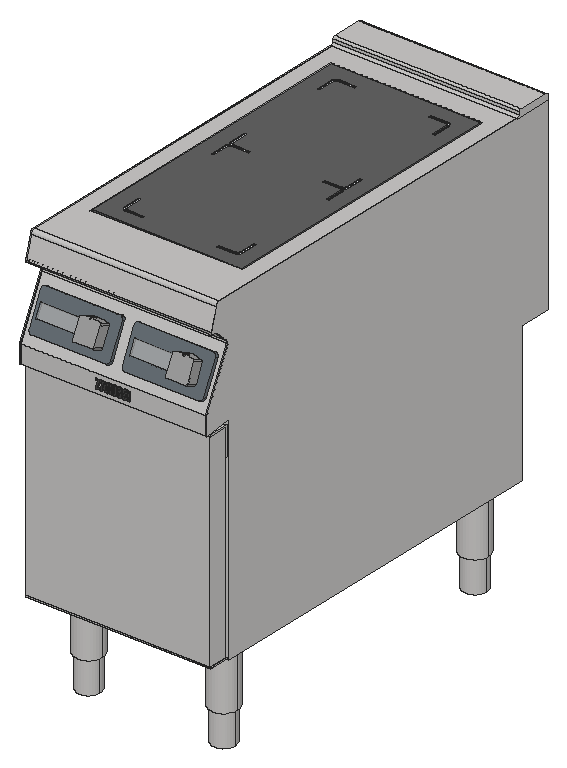
Revit family "QF_ZANUSSI_392666_Z9HHEDBAMCA", category Specialty Equipment, Revit 2023
Family settings
  Round Connector Dimension = Use Diameter
  Part Type = Normal
  Work Plane-Based = No
  Enable Cutting in Views = No
  Always vertical = Yes
  Cut with Voids When Loaded = No
  Maintain Annotation Orientation = No
  Shared = Yes
  Room Calculation Point = No
Parameters (values of type "Standard")
  Weight = 71.50 lbm
  Watts = 0 W
  Volts = 380 V
  URL Manufacturer = "http://www.zanussiprofessional.com"
  URL = "http://www.zanussiprofessional.com"
  Steam Supply Size = 0"
  Steam Supply Minimum Pressure = 0.00 psi
  Steam Supply Maximum Pressure = 0.00 psi
  Steam Consumption per Hour = 0
  Show Logo [instance] = yes
  Show Clearance [instance] = yes
  Refrigeration Suction Line Size = 0 mm
  Refrigeration Liquid Line Size = 0 mm
  Refrigerant Compressor Remote = yes
  Default Elevation = 0 mm
  Manufacturer = "Zanussi"
  Phase = 3
  Model = "Z9HHEDBAMCA"
  Length Actual = 400 mm
  Item Number = "392666"
  Hot Water Size = 0"
  Height Actual = 850 mm
  HP = "21.5 HP"
  Gas Size = 0"
  Gas KW = 0
  Gas Input Pressure = 0.0 Btu/h
  Direct Waste Size = 0"
  Description = "EVOPRO FREE-ZONE INDUCTION COOK TOP, 400 MM"
  Depth Actual = 900 mm
  Cycle = 50 Hz
  Condensate Return Size = 0"
  Compressed Air Volume = 0 GPM
  Compressed Air Size = 0"
  Compressed Air Pressure = 0.00 psi
  Cold Water Size = 0"
  Accessory = no
Reference planes
  plane 1: z = 0
  plane 2 "LEFT": x = 0
  plane 3 "RIGHT": x = 400
  plane 4 "FRONT": y = -921
  plane 5 "TOP": z = 900
  plane 6 "BASE": z = 200
  plane 7: y = -126
  plane 8: y = -774
  plane 9 "Center (Left/Right)": x = 200
  plane 10 "Center (Front/Back)": y = -450
  plane 11 "BASE_TOP": z = 650
  plane 12 "BACK": y = 0
  plane 13: y = -900
  plane 14: y = -1273
  plane 15: y = -855
  plane 16: z = 810.742
  plane 17: z = 695.808
  plane 18 "AxeZ_Buttons": z = 753.275
  plane 19 "PANEL": through (-6096, -914.266, 695.808) normal (0, 0.8988, -0.4384)
  plane 20 "BUTTON1": x = 145
  plane 21: x = 345
  plane 22: y = -720
  plane 23 "FeetBack": y = -126
  plane 24 "FeetFront": y = -800
  plane 25 "FeetX": x = 345
  plane 26 "WI2_x": x = 358
  plane 27: x = 287
  plane 28: y = -574
  plane 29: x = -150
  plane 30: x = 550
  plane 31: y = 150
Forms (mm)
  Extrusion 1, solid, material "QF_Finishes_Stainless Steel"
    sketch origin (0, 0, 50) x (0, 1, 0) y (0, 0, 1)
      loop
        line (0, 850) -> (-879.358, 850)
        arc (-879.358, 850) -> (-884.643, 847.811) -> (-886.833, 842.526) r 7.474
        line (-886.833, 842.526) -> (-899.884, 797.011)
        arc (-899.884, 797.011) -> (-899.396, 794.379) -> (-897, 793.184) r 3
        line (-897, 793.184) -> (-890.531, 793.184) -> (-859.859, 765.634)
        arc (-859.859, 765.634) -> (-858.292, 762.871) -> (-858.706, 759.723) r 5
        line (-858.706, 759.723) -> (-915, 644.303) -> (-915, 605.508) -> (-858.645, 613.428)
        arc (-858.645, 613.428) -> (-856.101, 612.674) -> (-855, 610.259) r 3.2
        line (-855, 610.259) -> (-855, 150) -> (-70, 150) -> (-70, 448) -> (0, 448) -> (0, 850)
    from 0 to 1
  Extrusion 2, solid, material "QF_Finishes_Stainless Steel"
    sketch origin (400, 0, 50) x (0, 1, 0) y (0, 0, 1)
      loop
        line (0, 850) -> (-879.358, 850)
        arc (-879.358, 850) -> (-884.643, 847.811) -> (-886.833, 842.526) r 7.474
        line (-886.833, 842.526) -> (-899.884, 797.011)
        arc (-899.884, 797.011) -> (-899.396, 794.379) -> (-897, 793.184) r 3
        line (-897, 793.184) -> (-890.531, 793.184) -> (-859.859, 765.634)
        arc (-859.859, 765.634) -> (-858.292, 762.871) -> (-858.706, 759.723) r 5
        line (-858.706, 759.723) -> (-915, 644.303) -> (-915, 605.508) -> (-858.645, 613.428)
        arc (-858.645, 613.428) -> (-856.101, 612.674) -> (-855, 610.259) r 3.2
        line (-855, 610.259) -> (-855, 150) -> (-70, 150) -> (-70, 448) -> (0, 448) -> (0, 850)
    from 0 to -1
  Extrusion 3, solid, material "QF_Finishes_Stainless Steel"
    sketch origin (200, 0, 50) x (0, 1, 0) y (0, 0, 1)
      loop
        line (0, 850) -> (-912.738, 850)
        arc (-912.738, 850) -> (-920.449, 844.13) -> (-918.364, 834.666) r 9
        line (-918.364, 834.666) -> (-859.167, 766.469)
        arc (-859.167, 766.469) -> (-857.771, 763.759) -> (-858.209, 760.742) r 5
        line (-858.209, 760.742) -> (-914.266, 645.808)
        arc (-914.266, 645.808) -> (-911.433, 639.23) -> (-905.772, 643.616) r 4.53
        line (-905.772, 643.616) -> (-905.772, 610.227)
        arc (-905.772, 610.227) -> (-904.15, 606.541) -> (-900.336, 605.246) r 5
        line (-900.336, 605.246) -> (-860.436, 609.524)
        arc (-860.436, 609.524) -> (-856.622, 608.23) -> (-855, 604.543) r 5
        line (-855, 604.543) -> (-855, 600) -> (0, 600) -> (0, 850)
    from -199 to 199
  Extrusion 4, void
    sketch origin (200, 0, 50) x (0, 1, 0) y (0, 0, 1)
      loop
        line (-855, 600) -> (-855, 152) -> (-72, 152) -> (-72, 600) -> (-855, 600)
    from -110 to 110
  Extrusion 5, solid, material "QF_Finishes_Stainless Steel"
    sketch origin (200, 0, 50) x (0, 1, 0) y (0, 0, 1)
      loop
        line (0, 850) -> (-879.358, 850)
        arc (-879.358, 850) -> (-884.643, 847.811) -> (-886.833, 842.526) r 7.474
        line (-886.833, 842.526) -> (-899.884, 797.011)
        arc (-899.884, 797.011) -> (-899.396, 794.379) -> (-897, 793.184) r 3
        line (-897, 793.184) -> (-890.531, 793.184) -> (-859.859, 765.634)
        arc (-859.859, 765.634) -> (-858.292, 762.871) -> (-858.706, 759.723) r 5
        line (-858.706, 759.723) -> (-915, 644.303) -> (-915, 605.508) -> (-858.645, 613.428)
        arc (-858.645, 613.428) -> (-856.101, 612.674) -> (-855, 610.259) r 3.2
        line (-855, 610.259) -> (-855, 150) -> (-70, 150) -> (-70, 448) -> (0, 448) -> (0, 850)
    from 199 to -199
  Extrusion 6, solid, material "QF_Finishes_Stainless Steel"
    sketch origin (0, 0, 200) x (0, 1, 0) y (-1, 0, 0)
      loop
        circle (-574, -287) r 10
    from 0 to -10
  Extrusion 7, solid, material "QF_Finishes_Clearance", visible <- "Show Clearance", detail levels coarse
    sketch origin (0, 0, 0) x (1, 0, 0) y (0, 1, 0)
      loop
        line (-150, -921) -> (0, -921) -> (0, 0) -> (400, 0) -> (400, -921) -> (550, -921) -> (550, 150) -> (-150, 150) -> (-150, -921)
    from 0 to 900
  Extrusion 8, solid, material "QF_Finishes_Stainless Steel"
    sketch origin (200, 0, 50) x (0, 1, 0) y (0, 0, 1)
      loop
        line (-80, 850) -> (0, 850) -> (0, 860)
        arc (0, 860) -> (-1.464, 863.536) -> (-5, 865) r 5
        line (-5, 865) -> (-70, 865)
        arc (-70, 865) -> (-73.536, 863.536) -> (-75, 860) r 5
        line (-75, 860) -> (-75, 855)
        arc (-75, 855) -> (-76.464, 851.464) -> (-80, 850) r 5
    from 200 to -200
  Extrusion 9, void
    sketch origin (0, 0, 900) x (-1, 0, 0) y (0, -1, 0)
      loop
        line (-36.5, 126) -> (-36.5, 773) -> (-363.5, 773) -> (-363.5, 126) -> (-36.5, 126)
    from 0 to -6
  Extrusion 10, solid, material "QF_Glass Ceramic"
    sketch origin (0, 0, 900) x (-1, 0, 0) y (0, -1, 0)
      loop
        line (-40, 769.5) -> (-360, 769.5) -> (-360, 129.5) -> (-40, 129.5) -> (-40, 769.5)
      loop
        line (-74, 209.5) -> (-78, 209.5) -> (-78, 174.5)
        arc (-78, 174.5) -> (-80.05, 169.55) -> (-85, 167.5) r 7
        line (-85, 167.5) -> (-120, 167.5) -> (-120, 163.5) -> (-85, 163.5)
        arc (-85, 163.5) -> (-77.222, 166.722) -> (-74, 174.5) r 11
        line (-74, 174.5) -> (-74, 209.5)
      loop
        line (-326, 209.5) -> (-326, 174.5)
        arc (-326, 174.5) -> (-322.778, 166.722) -> (-315, 163.5) r 11
        line (-315, 163.5) -> (-280, 163.5) -> (-280, 167.5) -> (-315, 167.5)
        arc (-315, 167.5) -> (-319.95, 169.55) -> (-322, 174.5) r 7
        line (-322, 174.5) -> (-322, 209.5) -> (-326, 209.5)
      loop
        line (-74, 406) -> (-74, 441)
        arc (-74, 441) -> (-75.239, 446.071) -> (-78.675, 450) r 11
        arc (-78.675, 450) -> (-75.239, 453.929) -> (-74, 459) r 11
        line (-74, 459) -> (-74, 494) -> (-78, 494) -> (-78, 459)
        arc (-78, 459) -> (-80.05, 454.05) -> (-85, 452) r 7
        line (-85, 452) -> (-120, 452) -> (-120, 448) -> (-85, 448)
        arc (-85, 448) -> (-80.05, 445.95) -> (-78, 441) r 7
        line (-78, 441) -> (-78, 406) -> (-74, 406)
      loop
        line (-326, 406) -> (-322, 406) -> (-322, 441)
        arc (-322, 441) -> (-319.95, 445.95) -> (-315, 448) r 7
        line (-315, 448) -> (-280, 448) -> (-280, 452) -> (-315, 452)
        arc (-315, 452) -> (-319.95, 454.05) -> (-322, 459) r 7
        line (-322, 459) -> (-322, 494) -> (-326, 494) -> (-326, 459)
        arc (-326, 459) -> (-324.761, 453.929) -> (-321.325, 450) r 11
        arc (-321.325, 450) -> (-324.761, 446.071) -> (-326, 441) r 11
        line (-326, 441) -> (-326, 406)
      loop
        line (-74, 690.5) -> (-74, 725.5)
        arc (-74, 725.5) -> (-77.222, 733.278) -> (-85, 736.5) r 11
        line (-85, 736.5) -> (-120, 736.5) -> (-120, 732.5) -> (-85, 732.5)
        arc (-85, 732.5) -> (-80.05, 730.45) -> (-78, 725.5) r 7
        line (-78, 725.5) -> (-78, 690.5) -> (-74, 690.5)
      loop
        line (-326, 690.5) -> (-322, 690.5) -> (-322, 725.5)
        arc (-322, 725.5) -> (-319.95, 730.45) -> (-315, 732.5) r 7
        line (-315, 732.5) -> (-280, 732.5) -> (-280, 736.5) -> (-315, 736.5)
        arc (-315, 736.5) -> (-322.778, 733.278) -> (-326, 725.5) r 11
        line (-326, 725.5) -> (-326, 690.5)
    from 0 to -6
  Extrusion 11, solid, material "QF_Finishes_White"
    sketch origin (0, 0, 900) x (-1, 0, 0) y (0, -1, 0)
      loop
        line (-74, 209.5) -> (-78, 209.5) -> (-78, 174.5)
        arc (-78, 174.5) -> (-80.05, 169.55) -> (-85, 167.5) r 7
        line (-85, 167.5) -> (-120, 167.5) -> (-120, 163.5) -> (-85, 163.5)
        arc (-85, 163.5) -> (-77.222, 166.722) -> (-74, 174.5) r 11
        line (-74, 174.5) -> (-74, 209.5)
      loop
        line (-74, 406) -> (-74, 441)
        arc (-74, 441) -> (-75.239, 446.071) -> (-78.675, 450) r 11
        arc (-78.675, 450) -> (-75.239, 453.929) -> (-74, 459) r 11
        line (-74, 459) -> (-74, 494) -> (-78, 494) -> (-78, 459)
        arc (-78, 459) -> (-80.05, 454.05) -> (-85, 452) r 7
        line (-85, 452) -> (-120, 452) -> (-120, 448) -> (-85, 448)
        arc (-85, 448) -> (-80.05, 445.95) -> (-78, 441) r 7
        line (-78, 441) -> (-78, 406) -> (-74, 406)
      loop
        line (-74, 690.5) -> (-74, 725.5)
        arc (-74, 725.5) -> (-77.222, 733.278) -> (-85, 736.5) r 11
        line (-85, 736.5) -> (-120, 736.5) -> (-120, 732.5) -> (-85, 732.5)
        arc (-85, 732.5) -> (-80.05, 730.45) -> (-78, 725.5) r 7
        line (-78, 725.5) -> (-78, 690.5) -> (-74, 690.5)
      loop
        line (-326, 209.5) -> (-326, 174.5)
        arc (-326, 174.5) -> (-322.778, 166.722) -> (-315, 163.5) r 11
        line (-315, 163.5) -> (-280, 163.5) -> (-280, 167.5) -> (-315, 167.5)
        arc (-315, 167.5) -> (-319.95, 169.55) -> (-322, 174.5) r 7
        line (-322, 174.5) -> (-322, 209.5) -> (-326, 209.5)
      loop
        line (-326, 406) -> (-322, 406) -> (-322, 441)
        arc (-322, 441) -> (-319.95, 445.95) -> (-315, 448) r 7
        line (-315, 448) -> (-280, 448) -> (-280, 452) -> (-315, 452)
        arc (-315, 452) -> (-319.95, 454.05) -> (-322, 459) r 7
        line (-322, 459) -> (-322, 494) -> (-326, 494) -> (-326, 459)
        arc (-326, 459) -> (-324.761, 453.929) -> (-321.325, 450) r 11
        arc (-321.325, 450) -> (-324.761, 446.071) -> (-326, 441) r 11
        line (-326, 441) -> (-326, 406)
      loop
        line (-326, 690.5) -> (-322, 690.5) -> (-322, 725.5)
        arc (-322, 725.5) -> (-319.95, 730.45) -> (-315, 732.5) r 7
        line (-315, 732.5) -> (-280, 732.5) -> (-280, 736.5) -> (-315, 736.5)
        arc (-315, 736.5) -> (-322.778, 733.278) -> (-326, 725.5) r 11
        line (-326, 725.5) -> (-326, 690.5)
    from 0 to -6
Cuts and joins
  Extrusion 9 cuts Extrusion 3
  Extrusion 4, Extrusion 9 cuts Extrusion 5
  joined: Extrusion 3, Extrusion 5
Lines and regions (mm)
  symbolic lines, style "QF_2DLine_204"
    curve 1: line (0, -75, 900) -> (400, -75, 900)
    curve 11: line (122, -921, 200) -> (122, -926.641, 200)
    curve 12: line (168, -921, 200) -> (168, -926.641, 200)
    curve 13: line (165.003, -927.955, 200) -> (124.997, -927.955, 200)
    curve 14: spline (122, -926.641, 200) -> (122.026, -926.812, 200) -> (122.102, -926.981, 200) -> (122.228, -927.144, 200) -> (122.402, -927.298, 200) -> (122.619, -927.441, 200) -> (122.878, -927.57, 200) -> (123.173, -927.683, 200) -> (123.499, -927.779, 200) -> (123.85, -927.855, 200) -> (124.222, -927.91, 200) -> (124.606, -927.944, 200) -> (124.997, -927.955, 200)
    curve 15: spline (165.003, -927.955, 200) -> (165.394, -927.944, 200) -> (165.778, -927.91, 200) -> (166.15, -927.855, 200) -> (166.501, -927.779, 200) -> (166.827, -927.683, 200) -> (167.122, -927.57, 200) -> (167.381, -927.441, 200) -> (167.598, -927.298, 200) -> (167.772, -927.144, 200) -> (167.898, -926.981, 200) -> (167.974, -926.812, 200) -> (168, -926.641, 200)
    curve 16: line (322, -921, 200) -> (322, -926.641, 200)
    curve 17: line (368, -921, 200) -> (368, -926.641, 200)
    curve 18: line (365.003, -927.955, 200) -> (324.997, -927.955, 200)
    curve 19: spline (322, -926.641, 200) -> (322.026, -926.812, 200) -> (322.102, -926.981, 200) -> (322.228, -927.144, 200) -> (322.402, -927.298, 200) -> (322.619, -927.441, 200) -> (322.878, -927.57, 200) -> (323.173, -927.683, 200) -> (323.499, -927.779, 200) -> (323.85, -927.855, 200) -> (324.222, -927.91, 200) -> (324.606, -927.944, 200) -> (324.997, -927.955, 200)
    curve 20: spline (365.003, -927.955, 200) -> (365.394, -927.944, 200) -> (365.778, -927.91, 200) -> (366.15, -927.855, 200) -> (366.501, -927.779, 200) -> (366.827, -927.683, 200) -> (367.122, -927.57, 200) -> (367.381, -927.441, 200) -> (367.598, -927.298, 200) -> (367.772, -927.144, 200) -> (367.898, -926.981, 200) -> (367.974, -926.812, 200) -> (368, -926.641, 200)
    curve 21: line (36.5, -126, 850) -> (363.5, -126, 850)
    curve 22: line (36.5, -773, 850) -> (36.5, -126, 850)
    curve 23: line (363.5, -773, 850) -> (36.5, -773, 850)
    curve 24: line (363.5, -126, 850) -> (363.5, -773, 850)
    curve 25: line (40, -129.5, 850) -> (360, -129.5, 850)
    curve 26: line (40, -769.5, 850) -> (40, -129.5, 850)
    curve 27: line (360, -769.5, 850) -> (40, -769.5, 850)
    curve 28: line (360, -129.5, 850) -> (360, -769.5, 850)
    curve 29: line (76, -209.5, 850) -> (76, -174.5, 850)
    curve 30: arc (76, -174.5, 850) -> (78.636, -168.136, 850) -> (85, -165.5, 850) r 9
    curve 31: line (85, -165.5, 850) -> (120, -165.5, 850)
    curve 32: line (76, -441, 850) -> (76, -406, 850)
    curve 33: arc (85, -450, 850) -> (78.636, -447.364, 850) -> (76, -441, 850) r 9
    curve 34: line (120, -450, 850) -> (85, -450, 850)
    curve 35: arc (76, -459, 850) -> (78.636, -452.636, 850) -> (85, -450, 850) r 9
    curve 36: line (76, -494, 850) -> (76, -459, 850)
    curve 37: line (324, -209.5, 850) -> (324, -174.5, 850)
    curve 38: arc (324, -174.5, 850) -> (321.364, -168.136, 850) -> (315, -165.5, 850) r 9
    curve 39: line (315, -165.5, 850) -> (280, -165.5, 850)
    curve 40: line (324, -441, 850) -> (324, -406, 850)
    curve 41: arc (315, -450, 850) -> (321.364, -447.364, 850) -> (324, -441, 850) r 9
    curve 42: line (280, -450, 850) -> (315, -450, 850)
    curve 43: arc (324, -459, 850) -> (321.364, -452.636, 850) -> (315, -450, 850) r 9
    curve 44: line (324, -494, 850) -> (324, -459, 850)
    curve 45: line (76, -690.5, 850) -> (76, -725.5, 850)
    curve 46: arc (76, -725.5, 850) -> (78.636, -731.864, 850) -> (85, -734.5, 850) r 9
    curve 47: line (85, -734.5, 850) -> (120, -734.5, 850)
    curve 48: line (324, -690.5, 850) -> (324, -725.5, 850)
    curve 49: arc (324, -725.5, 850) -> (321.364, -731.864, 850) -> (315, -734.5, 850) r 9
    curve 50: line (315, -734.5, 850) -> (280, -734.5, 850)
    curve 51: line (322, -921, 200) -> (322, -926.641, 200)
    curve 52: line (368, -921, 200) -> (368, -926.641, 200)
    curve 53: line (365.003, -927.955, 200) -> (324.997, -927.955, 200)
    curve 54: spline (322, -926.641, 200) -> (322.026, -926.812, 200) -> (322.102, -926.981, 200) -> (322.228, -927.144, 200) -> (322.402, -927.298, 200) -> (322.619, -927.441, 200) -> (322.878, -927.57, 200) -> (323.173, -927.683, 200) -> (323.499, -927.779, 200) -> (323.85, -927.855, 200) -> (324.222, -927.91, 200) -> (324.606, -927.944, 200) -> (324.997, -927.955, 200)
    curve 55: spline (365.003, -927.955, 200) -> (365.394, -927.944, 200) -> (365.778, -927.91, 200) -> (366.15, -927.855, 200) -> (366.501, -927.779, 200) -> (366.827, -927.683, 200) -> (367.122, -927.57, 200) -> (367.381, -927.441, 200) -> (367.598, -927.298, 200) -> (367.772, -927.144, 200) -> (367.898, -926.981, 200) -> (367.974, -926.812, 200) -> (368, -926.641, 200)
    curve 56: line (522, -921, 200) -> (522, -926.641, 200)
    curve 57: line (568, -921, 200) -> (568, -926.641, 200)
    curve 58: line (565.003, -927.955, 200) -> (524.997, -927.955, 200)
    curve 59: spline (522, -926.641, 200) -> (522.026, -926.812, 200) -> (522.102, -926.981, 200) -> (522.228, -927.144, 200) -> (522.402, -927.298, 200) -> (522.619, -927.441, 200) -> (522.878, -927.57, 200) -> (523.173, -927.683, 200) -> (523.499, -927.779, 200) -> (523.85, -927.855, 200) -> (524.222, -927.91, 200) -> (524.606, -927.944, 200) -> (524.997, -927.955, 200)
    curve 60: spline (565.003, -927.955, 200) -> (565.394, -927.944, 200) -> (565.778, -927.91, 200) -> (566.15, -927.855, 200) -> (566.501, -927.779, 200) -> (566.827, -927.683, 200) -> (567.122, -927.57, 200) -> (567.381, -927.441, 200) -> (567.598, -927.298, 200) -> (567.772, -927.144, 200) -> (567.898, -926.981, 200) -> (567.974, -926.812, 200) -> (568, -926.641, 200)
    curve 61: line (322, -921, 200) -> (322, -926.641, 200)
    curve 62: line (368, -921, 200) -> (368, -926.641, 200)
    curve 63: line (365.003, -927.955, 200) -> (324.997, -927.955, 200)
    curve 64: spline (322, -926.641, 200) -> (322.026, -926.812, 200) -> (322.102, -926.981, 200) -> (322.228, -927.144, 200) -> (322.402, -927.298, 200) -> (322.619, -927.441, 200) -> (322.878, -927.57, 200) -> (323.173, -927.683, 200) -> (323.499, -927.779, 200) -> (323.85, -927.855, 200) -> (324.222, -927.91, 200) -> (324.606, -927.944, 200) -> (324.997, -927.955, 200)
    curve 65: spline (365.003, -927.955, 200) -> (365.394, -927.944, 200) -> (365.778, -927.91, 200) -> (366.15, -927.855, 200) -> (366.501, -927.779, 200) -> (366.827, -927.683, 200) -> (367.122, -927.57, 200) -> (367.381, -927.441, 200) -> (367.598, -927.298, 200) -> (367.772, -927.144, 200) -> (367.898, -926.981, 200) -> (367.974, -926.812, 200) -> (368, -926.641, 200)
  symbolic lines, style "QF_2DLine_200"
    curve 2: line (0, 0, 900) -> (400, 0, 900)
    curve 3: line (400, 0, 900) -> (400, -921, 900)
    curve 4: line (400, -921, 900) -> (0, -921, 900)
    curve 5: line (0, -921, 900) -> (0, 0, 900)
  symbolic lines, style "QF-Clearances", detail levels coarse
    curve 6: line (-150, -921, 0) -> (-150, 150, 0)
    curve 7: line (550, -921, 0) -> (550, 150, 0)
  symbolic lines, style "QF_Clearances"
    curve 8: line (-150, 150, 200) -> (550, 150, 200)
    curve 9: line (-150, -921, 200) -> (0, -921, 200)
    curve 10: line (400, -921, 200) -> (550, -921, 200)
Dimensions and locks
  plane 5 "TOP" to level = 900 mm  (x2)
  plane 2 "LEFT" to plane 3 "RIGHT" = 400 mm
  equal spacing: plane 2 "LEFT", plane 9 "Center (Left/Right)", plane 3 "RIGHT"
  equal spacing: plane 7, plane 10 "Center (Front/Back)", plane 8
  level to plane 11 "BASE_TOP" = 650 mm
  plane 4 "FRONT" to plane 12 "BACK" = 921 mm
  plane 12 "BACK" to plane 7 = 126 mm
  plane 7 to plane 8 = 648 mm
  plane 8 to plane 13 = 126 mm
  plane 12 "BACK" to plane 13 = 900 mm
  plane 14 to plane 12 "BACK" = 1273 mm
  plane 6 "BASE" to level = 200 mm
  plane 11 "BASE_TOP" to plane 6 "BASE" = 450 mm
  plane 11 "BASE_TOP" to plane 5 "TOP" = 250 mm
  plane 10 "Center (Front/Back)" to plane 12 "BACK" = 450 mm
  plane 13 to plane 10 "Center (Front/Back)" = 450 mm
  plane 4 "FRONT" to plane 13 = 21 mm
  plane 13 to plane 15 = 45 mm
  plane 20 "BUTTON1" to plane 2 "LEFT" = 145 mm
  plane 21 to plane 20 "BUTTON1" = 200 mm
  plane 3 "RIGHT" to plane 2 "LEFT" = 400 mm
  plane 4 "FRONT" to plane 22 = 201 mm
  plane 23 "FeetBack" to plane 12 "BACK" = 126 mm
  locked: plane 25 "FeetX" to plane 3 "RIGHT" at 55
  plane 23 "FeetBack" to plane 24 "FeetFront" = 674 mm
  plane 13 to plane 24 "FeetFront" = 100 mm
  locked: plane 26 "WI2_x" to plane 3 "RIGHT" at 42
  locked: plane 27 to plane 3 "RIGHT" at 113
  plane 28 to plane 12 "BACK" = 574 mm
  locked: plane 29 to plane 2 "LEFT" at 150
  locked: plane 3 "RIGHT" to plane 30 at 150
  plane 12 "BACK" to plane 31 = 150 mm
  aligned and locked: level to plane 1
  aligned and locked: plane 6 "BASE" to nested 2
  aligned and locked: plane 20 "BUTTON1" to nested 3
  aligned and locked: plane 21 to nested 4
  aligned and locked: plane 2 "LEFT" to nested 2
  aligned and locked: plane 25 "FeetX" to nested 6
  aligned and locked: plane 25 "FeetX" to nested 5
Automatic sketch dimensions
  Extrusion 2 sketch curve to plane 6 "BASE" = 0 mm
  Extrusion 2 sketch curve to plane 12 "BACK" = 0 mm
  plane 7 to Extrusion 2 sketch curve = 56 mm
  plane 11 "BASE_TOP" to Extrusion 2 sketch curve = 152 mm
  Extrusion 3 sketch curve to plane 5 "TOP" = 0 mm
  Extrusion 3 sketch curve to plane 17 = 0 mm
  plane 19 "PANEL" to Extrusion 3 sketch curve = 0 mm  (x2)
  Extrusion 3 sketch curve to plane 16 = 0 mm
  plane 11 "BASE_TOP" to Extrusion 3 sketch curve = 0 mm
  Extrusion 3 sketch curve to plane 15 = 0 mm
  Extrusion 3 sketch curve to plane 12 "BACK" = 0 mm
  Extrusion 3 sketch curve to plane 11 "BASE_TOP" = 10.227 mm
  Extrusion 3 sketch curve to plane 4 "FRONT" = 15.228 mm
  Extrusion 3 sketch curve to plane 4 "FRONT" = 9 mm
  Extrusion 3 sketch curve to plane 4 "FRONT" = 8.262 mm
  Extrusion 3 sketch curve to plane 4 "FRONT" = 2.636 mm
  Extrusion 3 sketch curve to Extrusion 3 sketch curve = 5 mm
  Extrusion 3 sketch curve to plane 17 = 2.192 mm
  Extrusion 3 sketch curve to plane 11 "BASE_TOP" = 5.246 mm
  plane 16 to Extrusion 3 sketch curve = 2.192 mm
  Extrusion 3 sketch curve to Extrusion 3 sketch curve = 4.494 mm
  Extrusion 3 sketch curve to plane 15 = 5.436 mm
  Extrusion 3 sketch curve to plane 15 = 5 mm
  Extrusion 3 sketch curve to plane 15 = 4.167 mm
  Extrusion 3 sketch curve to plane 11 "BASE_TOP" = 4.543 mm
  Extrusion 3 sketch curve to plane 5 "TOP" = 15.334 mm
  plane 11 "BASE_TOP" to Extrusion 4 sketch curve = 0 mm
  Extrusion 4 sketch curve to plane 15 = 0 mm
  plane 6 "BASE" to Extrusion 4 sketch curve = 2 mm
  plane 7 to Extrusion 4 sketch curve = 54 mm
  curve 2 to plane 3 "RIGHT" = 0 mm
  curve 2 to plane 2 "LEFT" = 0 mm
  plane 12 "BACK" to curve 5 = 0 mm
  plane 4 "FRONT" to curve 5 = 0 mm
  Extrusion 6 sketch curve to plane 27 = 0 mm
  Extrusion 6 sketch curve to plane 28 = 0 mm
  Extrusion 1 sketch curve to plane 5 "TOP" = 0 mm
  plane 19 "PANEL" to Extrusion 1 sketch curve = 0 mm  (x2)
  Extrusion 1 sketch curve to plane 6 "BASE" = 0 mm
  Extrusion 1 sketch curve to plane 15 = 0 mm
  Extrusion 1 sketch curve to plane 12 "BACK" = 0 mm
  Extrusion 1 sketch curve to plane 13 = 0.116 mm
  Extrusion 1 sketch curve to plane 13 = 3 mm
  Extrusion 1 sketch curve to Extrusion 1 sketch curve = 6.469 mm
  Extrusion 1 sketch curve to plane 13 = 13.167 mm
  Extrusion 1 sketch curve to plane 5 "TOP" = 7.474 mm
  plane 16 to Extrusion 1 sketch curve = 1.172 mm
  Extrusion 1 sketch curve to plane 15 = 8.2 mm
  Extrusion 1 sketch curve to plane 15 = 4.859 mm
  Extrusion 1 sketch curve to plane 16 = 1.02 mm
  Extrusion 1 sketch curve to plane 15 = 3.645 mm
  plane 7 to Extrusion 1 sketch curve = 56 mm
  plane 11 "BASE_TOP" to Extrusion 1 sketch curve = 152 mm
  Extrusion 1 sketch curve to plane 11 "BASE_TOP" = 10.259 mm
  Extrusion 1 sketch curve to plane 11 "BASE_TOP" = 5.508 mm
  plane 16 to Extrusion 1 sketch curve = 32.442 mm
  Extrusion 1 sketch curve to Extrusion 1 sketch curve = 3 mm
  Extrusion 1 sketch curve to Extrusion 1 sketch curve = 3.2 mm
  Extrusion 1 sketch curve to plane 17 = 1.506 mm
  plane 19 "PANEL" to Extrusion 5 sketch curve = 0 mm  (x2)
  Extrusion 5 sketch curve to plane 5 "TOP" = 0 mm
  Extrusion 5 sketch curve to plane 15 = 0 mm
  Extrusion 5 sketch curve to plane 6 "BASE" = 0 mm
  Extrusion 5 sketch curve to plane 12 "BACK" = 0 mm
  Extrusion 5 sketch curve to Extrusion 5 sketch curve = 3.2 mm
  Extrusion 5 sketch curve to Extrusion 5 sketch curve = 0.445 mm
  Extrusion 5 sketch curve to plane 15 = 4.859 mm
  plane 16 to Extrusion 5 sketch curve = 1.172 mm
  Extrusion 5 sketch curve to Extrusion 5 sketch curve = 3.341 mm
  Extrusion 5 sketch curve to plane 5 "TOP" = 7.474 mm
  Extrusion 5 sketch curve to plane 13 = 20.642 mm
  Extrusion 5 sketch curve to plane 13 = 9.469 mm
  Extrusion 5 sketch curve to plane 13 = 3 mm
  Extrusion 5 sketch curve to plane 13 = 0.116 mm
  Extrusion 5 sketch curve to plane 4 "FRONT" = 6 mm
  plane 7 to Extrusion 5 sketch curve = 56 mm
  plane 11 "BASE_TOP" to Extrusion 5 sketch curve = 152 mm
  Extrusion 5 sketch curve to plane 11 "BASE_TOP" = 5.508 mm
  Extrusion 5 sketch curve to plane 11 "BASE_TOP" = 10.259 mm
  plane 16 to Extrusion 5 sketch curve = 32.442 mm
  Extrusion 5 sketch curve to Extrusion 5 sketch curve = 3 mm
  Extrusion 5 sketch curve to plane 16 = 1.02 mm
  Extrusion 5 sketch curve to Extrusion 5 sketch curve = 0 mm
  Extrusion 2 sketch curve to plane 5 "TOP" = 0 mm
  Extrusion 2 sketch curve to plane 11 "BASE_TOP" = 10.259 mm
  Extrusion 2 sketch curve to plane 15 = 0 mm
  Extrusion 2 sketch curve to plane 15 = 3.645 mm
  Extrusion 2 sketch curve to plane 15 = 3.2 mm
  Extrusion 2 sketch curve to plane 4 "FRONT" = 6 mm
  Extrusion 2 sketch curve to plane 11 "BASE_TOP" = 5.508 mm
  plane 19 "PANEL" to Extrusion 2 sketch curve = 0 mm  (x2)
  Extrusion 2 sketch curve to plane 16 = 1.02 mm
  plane 16 to Extrusion 2 sketch curve = 1.172 mm
  Extrusion 2 sketch curve to Extrusion 2 sketch curve = 4.494 mm
  Extrusion 2 sketch curve to plane 15 = 4.859 mm
  Extrusion 2 sketch curve to plane 13 = 9.469 mm
  plane 16 to Extrusion 2 sketch curve = 32.442 mm
  Extrusion 2 sketch curve to plane 5 "TOP" = 7.474 mm
  Extrusion 2 sketch curve to plane 13 = 20.642 mm
  Extrusion 2 sketch curve to plane 13 = 0.116 mm
  Extrusion 2 sketch curve to plane 13 = 3 mm
  Extrusion 2 sketch curve to Extrusion 2 sketch curve = 0.827 mm
  plane 4 "FRONT" to Extrusion 7 sketch curve = 0 mm  (x2)
  Extrusion 7 sketch curve to plane 29 = 0 mm
  Extrusion 7 sketch curve to plane 2 "LEFT" = 0 mm
  Extrusion 7 sketch curve to plane 3 "RIGHT" = 0 mm
  Extrusion 7 sketch curve to plane 30 = 0 mm
  plane 12 "BACK" to Extrusion 7 sketch curve = 0 mm
  Extrusion 7 sketch curve to plane 31 = 0 mm
  curve 6 to plane 29 = 0 mm
  curve 7 to plane 30 = 0 mm
  plane 4 "FRONT" to curve 7 = 0 mm
  plane 4 "FRONT" to curve 6 = 0 mm
  curve 7 to plane 31 = 0 mm
  curve 6 to plane 31 = 0 mm
  plane 7 to curve 1 = 51 mm
  Extrusion 9 sketch curve to plane 7 = 0 mm
  plane 25 "FeetX" to Extrusion 9 sketch curve = 18.5 mm
  plane 8 to Extrusion 9 sketch curve = 1 mm
  Extrusion 9 sketch curve to plane 20 "BUTTON1" = 108.5 mm
  curve 21 to plane 7 = 0 mm
  plane 10 "Center (Front/Back)" to curve 43 = 0 mm
  plane 10 "Center (Front/Back)" to curve 34 = 0 mm
  plane 27 to curve 38 = 28 mm
  plane 27 to curve 42 = 28 mm
  curve 49 to plane 22 = 5.5 mm
  plane 27 to curve 49 = 28 mm
  plane 27 to curve 44 = 37 mm
  plane 27 to curve 37 = 37 mm
  plane 27 to curve 40 = 37 mm
  plane 27 to curve 48 = 37 mm
  curve 28 to plane 7 = 3.5 mm
  plane 25 "FeetX" to curve 28 = 15 mm
  plane 8 to curve 24 = 1 mm
  curve 24 to curve 27 = 3.5 mm
  curve 30 to plane 20 "BUTTON1" = 60 mm
  curve 35 to plane 20 "BUTTON1" = 60 mm
  curve 46 to plane 22 = 5.5 mm
  curve 46 to plane 20 "BUTTON1" = 60 mm
  curve 46 to curve 45 = 9 mm
  curve 33 to curve 32 = 9 mm
  plane 10 "Center (Front/Back)" to curve 36 = 9 mm
  curve 30 to curve 29 = 9 mm
  curve 26 to plane 20 "BUTTON1" = 105 mm
  curve 25 to curve 22 = 3.5 mm
  curve 39 to plane 7 = 39.5 mm
  curve 31 to plane 7 = 39.5 mm
  plane 8 to curve 28 = 4.5 mm
  curve 49 to curve 50 = 35 mm
  curve 41 to curve 42 = 35 mm
  curve 38 to curve 39 = 35 mm
  curve 34 to plane 20 "BUTTON1" = 25 mm
  curve 47 to plane 20 "BUTTON1" = 25 mm
  curve 31 to plane 20 "BUTTON1" = 25 mm
  curve 29 to curve 29 = 35 mm
  curve 37 to curve 37 = 35 mm
  curve 40 to curve 40 = 35 mm
  curve 32 to curve 32 = 35 mm
  curve 43 to curve 44 = 35 mm
  curve 35 to curve 36 = 35 mm
  plane 22 to curve 48 = 29.5 mm
  plane 22 to curve 45 = 29.5 mm
  plane 4 "FRONT" to curve 57 = 0 mm
  plane 4 "FRONT" to curve 52 = 0 mm
  plane 4 "FRONT" to curve 51 = 0 mm
  plane 4 "FRONT" to curve 61 = 0 mm
  plane 4 "FRONT" to curve 17 = 0 mm
  plane 4 "FRONT" to curve 62 = 0 mm
  plane 4 "FRONT" to curve 16 = 0 mm
  plane 4 "FRONT" to curve 12 = 0 mm
  plane 4 "FRONT" to curve 11 = 0 mm
  plane 4 "FRONT" to curve 10 = 0 mm
  curve 9 to plane 2 "LEFT" = 0 mm
  plane 4 "FRONT" to curve 9 = 0 mm
  curve 8 to plane 29 = 0 mm
  curve 8 to plane 31 = 0 mm
  curve 8 to plane 30 = 0 mm
  curve 10 to plane 30 = 0 mm
  curve 10 to plane 3 "RIGHT" = 0 mm
  curve 9 to plane 29 = 0 mm
  curve 57 to curve 57 = 5.641 mm
  curve 56 to curve 56 = 5.641 mm
  curve 11 to curve 11 = 5.641 mm
  curve 12 to curve 12 = 5.641 mm
  curve 61 to curve 61 = 5.641 mm
  curve 62 to curve 62 = 5.641 mm
  curve 18 to curve 20 = 1.314 mm
  curve 58 to curve 60 = 1.314 mm
  plane 26 "WI2_x" to curve 62 = 10 mm
  curve 62 to curve 63 = 2.997 mm
  curve 63 to plane 25 "FeetX" = 20.003 mm
  curve 64 to curve 61 = 2.997 mm
  curve 57 to curve 58 = 2.997 mm
  curve 59 to curve 56 = 2.997 mm
  plane 20 "BUTTON1" to curve 12 = 23 mm
  curve 14 to curve 11 = 2.997 mm
  curve 12 to curve 13 = 2.997 mm
  curve 13 to plane 20 "BUTTON1" = 20.003 mm
  curve 13 to curve 15 = 1.314 mm
  Extrusion 8 sketch curve to plane 5 "TOP" = 0 mm
  Extrusion 8 sketch curve to plane 12 "BACK" = 0 mm
  Extrusion 8 sketch curve to Extrusion 8 sketch curve = 5 mm  (x3)
  plane 5 "TOP" to Extrusion 8 sketch curve = 15 mm
  plane 7 to Extrusion 8 sketch curve = 56 mm
  curve 58 to plane 30 = 15.003 mm
  plane 30 to curve 58 = 25.003 mm
  Extrusion 10 sketch curve to Extrusion 10 sketch curve = 0 mm  (x18)
  plane 10 "Center (Front/Back)" to Extrusion 10 sketch curve = 0 mm  (x2)
  plane 26 "WI2_x" to Extrusion 10 sketch curve = 2 mm
  plane 10 "Center (Front/Back)" to Extrusion 10 sketch curve = 9 mm  (x2)
  Extrusion 10 sketch curve to plane 21 = 19 mm  (x3)
  Extrusion 10 sketch curve to plane 10 "Center (Front/Back)" = 9 mm
  Extrusion 10 sketch curve to Extrusion 10 sketch curve = 4 mm  (x7)
  Extrusion 10 sketch curve to Extrusion 10 sketch curve = 7 mm  (x6)
  Extrusion 10 sketch curve to plane 27 = 7 mm  (x3)
  Extrusion 10 sketch curve to plane 20 "BUTTON1" = 25 mm  (x3)
  Extrusion 10 sketch curve to plane 10 "Center (Front/Back)" = 2 mm
  Extrusion 10 sketch curve to plane 22 = 16.5 mm
  Extrusion 10 sketch curve to plane 22 = 5.5 mm  (x2)
  Extrusion 10 sketch curve to Extrusion 10 sketch curve = 35 mm  (x9)
  Extrusion 10 sketch curve to plane 7 = 3.5 mm
  plane 2 "LEFT" to Extrusion 10 sketch curve = 40 mm
  Extrusion 10 sketch curve to plane 7 = 37.5 mm  (x2)
  plane 22 to Extrusion 10 sketch curve = 29.5 mm  (x2)
  plane 8 to Extrusion 10 sketch curve = 4.5 mm
  Extrusion 11 sketch curve to Extrusion 11 sketch curve = 0 mm  (x18)
  plane 10 "Center (Front/Back)" to Extrusion 11 sketch curve = 0 mm  (x2)
  Extrusion 11 sketch curve to plane 21 = 19 mm  (x4)
  Extrusion 11 sketch curve to Extrusion 11 sketch curve = 4 mm  (x7)
  Extrusion 11 sketch curve to Extrusion 11 sketch curve = 7 mm  (x5)
  plane 10 "Center (Front/Back)" to Extrusion 11 sketch curve = 2 mm  (x2)
  Extrusion 11 sketch curve to plane 27 = 7 mm  (x3)
  Extrusion 11 sketch curve to plane 22 = 12.5 mm
  Extrusion 11 sketch curve to plane 20 "BUTTON1" = 25 mm  (x3)
  plane 10 "Center (Front/Back)" to Extrusion 11 sketch curve = 9 mm
  Extrusion 11 sketch curve to Extrusion 11 sketch curve = 35 mm  (x9)
  Extrusion 11 sketch curve to plane 22 = 16.5 mm
  Extrusion 11 sketch curve to plane 22 = 5.5 mm  (x2)
  Extrusion 11 sketch curve to plane 7 = 83.5 mm  (x2)
  plane 22 to Extrusion 11 sketch curve = 29.5 mm  (x2)
  radius of Extrusion 6 sketch curve = 10 mm
Nested families
  nested 1: "ZANUSSI_Logo" at (204.389, -915, 723.905) x (1, 0, 0) z (0, -1, 0), visible <- "Show Logo", type "Zanussi_Logo"
    with Show Logo yes
  nested 2: "QF_ZAN_700XP_W400_PANEL" at (217.001, -855, 399.704) x (1, 0, 0) z (0, -1, 0), type "QF_ZAN_700XP_W400_PANEL"
    with Show Clearance yes
  nested 3: "CONTROLLER_XP_ZAN_PANEL" at (145, -886.8, 752.121) x (1, 0, 0) z (0, -0.8988, 0.4384), type "CONTROLLER_XP_ZAN_PANEL"
  nested 4: "CONTROLLER_XP_ZAN_PANEL" at (345, -886.8, 752.121) x (1, 0, 0) z (0, -0.8988, 0.4384), type "CONTROLLER_XP_ZAN_PANEL"
  nested 5: "FEET200_XP" at (345, -126, 0), type "FEET200_XP"
  nested 6: "FEET200_XP" at (345, -800, 0), type "FEET200_XP"
  nested 7: "FEET200_XP" at (55, -126, 0) x (-1, 0, 0) z (0, 0, 1), type "FEET200_XP"
  nested 8: "FEET200_XP" at (55, -800, 0) x (-1, 0, 0) z (0, 0, 1), type "FEET200_XP"
Connectors
  electrical at (287, -574, 190)
    settings: on Extrusion 6, index 5, voltage 0 V, apparent load 0 VA, apparent load phase1 0 VA, apparent load phase2 0 VA, apparent load phase3 0 VA, power factor 1, load classification "Altro", number of poles 1, system type 30, power factor state 1, is connector primary yes, connector utility no, sub classification motor no, connector description "Electrical Connection"
Definition of nested family "ZANUSSI_Logo"
  Parameters (values of type "ZANUSSI_Logo")
    Show Logo [instance] = yes
    Default Elevation = 1219.2 mm
  Reference planes
    plane 1 "Center (Front/Back)": y = -49
    plane 2: z = 0
    plane 3 "Center (Left/Right)": x = -9.92
  Forms (mm)
    Extrusion 1, solid
      sketch origin (0, 0, 0) x (1, 0, 0) y (0, 1, 0)
        loop
          line (-1219.2, 1219.2) -> (-1219.2, -1219.2) -> (1219.2, -1219.2) -> (1219.2, 1219.2) -> (-1219.2, 1219.2)
      from 0 to -304.8
    Extrusion 2, solid
      sketch origin (0, 0, 0) x (1, 0, 0) y (0, 1, 0)
        loop
          line (-31.066, -58.686) -> (-31.066, -54.721) -> (-37.012, -54.721) -> (-31.066, -42.599) -> (-31.066, -39.314) -> (-40.922, -39.314) -> (-40.922, -42.939) -> (-35.711, -42.826) -> (-41.375, -54.721) -> (-41.375, -58.686) -> (-31.066, -58.686)
        loop
          line (-25.376, -51.436) -> (-23.11, -51.436) -> (-24.243, -42.625) -> (-25.376, -51.436)
        loop
          line (-26.395, -58.686) -> (-25.829, -54.947) -> (-22.544, -54.947) -> (-21.977, -58.686) -> (-17.899, -58.686) -> (-21.524, -39.314) -> (-26.962, -39.314) -> (-30.474, -58.686) -> (-26.395, -58.686)
        loop
          line (-17.397, -39.314) -> (-17.397, -58.686) -> (-13.885, -58.686) -> (-13.885, -45.885) -> (-10.6, -58.686) -> (-6.295, -58.686) -> (-6.295, -39.314) -> (-9.92, -39.314) -> (-9.92, -51.662) -> (-13.205, -39.314) -> (-17.397, -39.314)
        loop
          arc (-5.389, -53.895) -> (-0.543, -58.717) -> (4.92, -54.608) r 5.22
          line (4.92, -54.608) -> (4.92, -39.314) -> (0.955, -39.314) -> (0.955, -53.701)
          arc (0.955, -53.701) -> (-0.087, -54.903) -> (-1.424, -54.041) r 1.214
          line (-1.424, -54.041) -> (-1.424, -39.314) -> (-5.389, -39.314) -> (-5.389, -53.895)
        loop
          line (12.283, -45.432) -> (16.022, -45.432) -> (16.083, -43.67)
          arc (16.083, -43.67) -> (15.823, -41.707) -> (14.592, -40.156) r 3.719
          arc (14.592, -40.156) -> (10.973, -38.976) -> (7.355, -40.156) r 6.139
          arc (7.355, -40.156) -> (5.879, -43.021) -> (6.062, -46.238) r 6.125
          arc (6.062, -46.238) -> (7.274, -48.016) -> (8.762, -49.572) r 13.068
          line (8.762, -49.572) -> (10.432, -51.052)
          arc (10.432, -51.052) -> (11.419, -51.89) -> (12.186, -52.933) r 5.571
          arc (12.186, -52.933) -> (11.996, -54.755) -> (10.209, -55.162) r 1.573
          arc (10.209, -55.162) -> (9.672, -54.618) -> (9.441, -53.888) r 1.631
          arc (9.441, -53.888) -> (9.424, -53.374) -> (9.441, -52.86) r 7.441
          arc (9.441, -52.86) -> (9.458, -52.374) -> (9.441, -51.889) r 7.03
          line (9.441, -51.889) -> (5.486, -51.889)
          arc (5.486, -51.889) -> (5.525, -54.662) -> (6.618, -57.21) r 7.131
          arc (6.618, -57.21) -> (11.782, -58.681) -> (16.132, -55.533) r 6.148
          arc (16.132, -55.533) -> (16.211, -52.281) -> (14.817, -49.343) r 7.021
          line (14.817, -49.343) -> (10.471, -45.432)
          arc (10.471, -45.432) -> (9.883, -44.693) -> (9.568, -43.803) r 2.858
          arc (9.568, -43.803) -> (10.687, -42.206) -> (12.283, -43.325) r 1.379
          line (12.283, -43.325) -> (12.283, -45.432)
        loop
          line (23.582, -45.432) -> (27.32, -45.432) -> (27.382, -43.67)
          arc (27.382, -43.67) -> (27.121, -41.707) -> (25.89, -40.156) r 3.719
          arc (25.89, -40.156) -> (22.271, -38.976) -> (18.653, -40.156) r 6.139
          arc (18.653, -40.156) -> (17.177, -43.021) -> (17.36, -46.238) r 6.125
          arc (17.36, -46.238) -> (18.572, -48.016) -> (20.06, -49.572) r 13.068
          line (20.06, -49.572) -> (21.73, -51.052)
          arc (21.73, -51.052) -> (22.717, -51.89) -> (23.484, -52.933) r 5.571
          arc (23.484, -52.933) -> (23.294, -54.755) -> (21.508, -55.162) r 1.573
          arc (21.508, -55.162) -> (20.97, -54.618) -> (20.74, -53.888) r 1.631
          arc (20.74, -53.888) -> (20.722, -53.374) -> (20.74, -52.86) r 7.441
          arc (20.74, -52.86) -> (20.756, -52.374) -> (20.74, -51.889) r 7.03
          line (20.74, -51.889) -> (16.785, -51.889)
          arc (16.785, -51.889) -> (16.823, -54.662) -> (17.916, -57.21) r 7.131
          arc (17.916, -57.21) -> (23.08, -58.681) -> (27.431, -55.533) r 6.148
          arc (27.431, -55.533) -> (27.51, -52.281) -> (26.115, -49.343) r 7.021
          line (26.115, -49.343) -> (21.769, -45.432)
          arc (21.769, -45.432) -> (21.181, -44.693) -> (20.866, -43.803) r 2.858
          arc (20.866, -43.803) -> (21.985, -42.206) -> (23.582, -43.325) r 1.379
          line (23.582, -43.325) -> (23.582, -45.432)
        loop
          line (28.143, -39.314) -> (28.143, -58.686) -> (32.108, -58.686) -> (32.108, -39.314) -> (28.143, -39.314)
      from 0 to 1.6
  Dimensions and locks
    aligned and locked: plane 2 to Extrusion 1
    aligned and locked: level to Extrusion 1
Definition of nested family "QF_ZAN_700XP_W400_PANEL"
  Parameters (values of type "QF_ZAN_700XP_W400_PANEL")
    Show Clearance [instance] = yes
    Default Elevation = 1219.2 mm
  Reference planes
    plane 1 "Centro (Fronte/Retro)": y = 25.296
    plane 2: z = 0
    plane 3 "Centro (Sinistra/Destra)": x = -19.001
    plane 4: x = -217.001
    plane 5: x = 178.999
    plane 6: z = 45
    plane 7 "Base": y = -199.704
    plane 8: z = 75
    plane 9 "2": y = 250.296
    plane 10: y = 246.296
    plane 11: y = -195.704
    plane 12: y = 235.296
    plane 13 "Left": x = -219.001
    plane 14 "Right": x = 180.999
  Forms (mm)
    Extrusion 1, solid
      sketch origin (0, 0, 0) x (1, 0, 0) y (0, 1, 0)
        loop
          line (-1219.2, 1219.2) -> (-1219.2, -1219.2) -> (1219.2, -1219.2) -> (1219.2, 1219.2) -> (-1219.2, 1219.2)
      from 0 to -304.8
    Extrusion 2, solid
      sketch origin (0, 1.6, 0) x (1, 0, 0) y (0, 1, 0)
        loop
          line (-217.001, -197.304) -> (178.999, -197.304) -> (178.999, 244.696) -> (-217.001, 244.696) -> (-217.001, -197.304)
      from 5 to 45
    Extrusion 3, solid
      sketch origin (-219.001, 0, 0) x (0, 1, 0) y (0, 0, 1)
        loop
          line (250.296, 44) -> (247.296, 44) -> (247.296, 3) -> (189.296, 3) -> (189.296, 0) -> (250.296, 0) -> (250.296, 44)
        loop
          line (-199.704, 44) -> (-199.704, 0) -> (-196.704, 0) -> (-196.704, 44) -> (-199.704, 44)
      from 2 to 398
  Dimensions and locks
    plane 6 to level = 45 mm  (x2)
    plane 4 to plane 5 = 396 mm
    plane 8 to plane 6 = 30 mm  (x2)
    locked: plane 9 "2" to plane 7 "Base" at 450
    equal spacing: plane 9 "2", plane 1 "Centro (Fronte/Retro)", plane 7 "Base"
    plane 9 "2" to plane 10 = 4 mm
    plane 11 to plane 7 "Base" = 4 mm
    plane 9 "2" to plane 12 = 15 mm
    equal spacing: plane 4, plane 3 "Centro (Sinistra/Destra)", plane 5
    plane 13 "Left" to plane 4 = 2 mm
    locked: plane 5 to plane 14 "Right" at 2
    plane 13 "Left" to plane 14 "Right" = 400 mm
    plane 10 to plane 11 = 442 mm
    aligned and locked: plane 2 to Extrusion 1
    aligned and locked: level to Extrusion 1
  Automatic sketch dimensions
    Extrusion 1 sketch curve to Extrusion 1 sketch curve = 2438.4 mm  (x2)
    Extrusion 2 sketch curve to plane 4 = 0 mm
    Extrusion 2 sketch curve to plane 5 = 0 mm
    Extrusion 2 sketch curve to plane 11 = 0 mm
    Extrusion 2 sketch curve to plane 10 = 0 mm
    Extrusion 3 sketch curve to plane 7 "Base" = 0 mm
    Extrusion 3 sketch curve to level = 0 mm  (x2)
    Extrusion 3 sketch curve to plane 9 "2" = 0 mm
    Extrusion 3 sketch curve to plane 11 = 1 mm
    level to Extrusion 3 sketch curve = 3 mm
    Extrusion 3 sketch curve to plane 12 = 46 mm
    plane 10 to Extrusion 3 sketch curve = 1 mm
    Extrusion 3 sketch curve to plane 6 = 1 mm  (x2)
Definition of nested family "CONTROLLER_XP_ZAN_PANEL"
  Parameters (values of type "CONTROLLER_XP_ZAN_PANEL")
    Default Elevation = 0 mm
  Reference planes
    plane 1 "Centro (Fronte/Retro)": y = 0
    plane 2: z = 0
    plane 3 "Centro (Sinistra/Destra)": x = 0
    plane 4: x = 43
    plane 5: x = -32
    plane 6: x = -132
    plane 7: x = -124
    plane 8: y = 43.5
    plane 9: y = -43.5
    plane 10: y = 15.5
    plane 11: y = -15.5
  Forms (mm)
    Extrusion 1, solid
      sketch origin (0, 0, 0) x (1, 0, 0) y (0, 1, 0)
        loop
          line (-1219.2, 1219.2) -> (-1219.2, -1219.2) -> (1219.2, -1219.2) -> (1219.2, 1219.2) -> (-1219.2, 1219.2)
      from 0 to -304.8
    Extrusion 2, solid
      sketch origin (0, 0, 0) x (1, 0, 0) y (0, 1, 0)
        loop
          arc (-131.4, -35.5) -> (-129.057, -41.157) -> (-123.4, -43.5) r 8
          line (-123.4, -43.5) -> (35.6, -43.5)
          arc (35.6, -43.5) -> (41.257, -41.157) -> (43.6, -35.5) r 8
          line (43.6, -35.5) -> (43.6, 35.5)
          arc (43.6, 35.5) -> (41.257, 41.157) -> (35.6, 43.5) r 8
          line (35.6, 43.5) -> (-123.4, 43.5)
          arc (-123.4, 43.5) -> (-129.057, 41.157) -> (-131.4, 35.5) r 8
          line (-131.4, 35.5) -> (-131.4, -35.5)
      from 0 to 5
    Extrusion 3, void
      sketch origin (0, 0, 0) x (1, 0, 0) y (0, 1, 0)
        loop
          line (-124, 15.5) -> (-124, -15.5) -> (-32, -15.5) -> (-32, 15.5) -> (-124, 15.5)
      from 5 to 2
    Extrusion 4, solid
      sketch origin (0, 0, 0) x (1, 0, 0) y (0, 1, 0)
        loop
          line (-124, 15.5) -> (-124, -15.5) -> (-32, -15.5) -> (-32, 15.5) -> (-124, 15.5)
      from 5 to 2
    Extrusion 5, solid
      sketch origin (-57.5, 0, 0) x (0, 1, 0) y (0, 0, -1)
        loop
          line (26.984, -34) -> (23.984, -34) -> (23.984, -35) -> (26.984, -35)
          arc (26.984, -35) -> (27.691, -34.707) -> (27.984, -34) r 1
          line (27.984, -34) -> (27.984, -19) -> (26.984, -19) -> (26.984, -34)
      from -58.5 to -56.5
    Extrusion 6, solid
      sketch origin (0, 0, 0) x (-1, 0, 0) y (0, -1, 0)
        loop
          line (17.5, -17.5) -> (17.5, 17.5) -> (-17.5, 17.5) -> (-17.5, -17.5) -> (17.5, -17.5)
      from 5 to 10
    Extrusion 7, solid
      sketch origin (0, 0, 0) x (-1, 0, 0) y (0, -1, 0)
        loop
          arc (-21.147, -22.789) -> (0, -26.984) -> (21.147, -22.789) r 55.4
          arc (21.147, -22.789) -> (22.494, -21.685) -> (23, -20.019) r 2.997
          line (23, -20.019) -> (23, 20.019)
          arc (23, 20.019) -> (22.122, 22.138) -> (20.003, 23.016) r 2.997
          line (20.003, 23.016) -> (-20.003, 23.016)
          arc (-20.003, 23.016) -> (-22.122, 22.138) -> (-23, 20.019) r 2.997
          line (-23, 20.019) -> (-23, -20.019)
          arc (-23, -20.019) -> (-22.494, -21.685) -> (-21.147, -22.789) r 2.997
      from 10 to 34
  Cuts and joins
    Extrusion 3 cuts Extrusion 2
  Dimensions and locks
    locked: plane 6 to plane 4 at 175
    locked: plane 9 to plane 8 at 87
    locked: plane 6 to plane 7 at 8
    locked: plane 7 to plane 5 at 92
    locked: plane 6 to plane 3 "Centro (Sinistra/Destra)" at 132
    plane 10 to plane 11 = 31 mm
    equal spacing: plane 10, plane 1 "Centro (Fronte/Retro)", plane 11
    aligned and locked: plane 2 to Extrusion 1
    aligned and locked: level to Extrusion 1
  Automatic sketch dimensions
    Extrusion 1 sketch curve to Extrusion 1 sketch curve = 2438.4 mm  (x2)
    plane 9 to Extrusion 2 sketch curve = 0 mm
    plane 8 to Extrusion 2 sketch curve = 0 mm
    plane 6 to Extrusion 2 sketch curve = 0.6 mm
    plane 7 to Extrusion 2 sketch curve = 0.6 mm  (x2)
    Extrusion 2 sketch curve to plane 4 = 7.4 mm  (x2)
    plane 4 to Extrusion 2 sketch curve = 0.6 mm
    Extrusion 3 sketch curve to plane 7 = 0 mm
    Extrusion 3 sketch curve to plane 5 = 0 mm
    Extrusion 3 sketch curve to plane 11 = 0 mm
    Extrusion 3 sketch curve to plane 10 = 0 mm
    Extrusion 4 sketch curve to plane 7 = 0 mm
    Extrusion 4 sketch curve to plane 5 = 0 mm
    Extrusion 4 sketch curve to plane 11 = 0 mm
    Extrusion 4 sketch curve to plane 10 = 0 mm
    plane 8 to Extrusion 5 sketch curve = 19.516 mm
    Extrusion 5 sketch curve to Extrusion 5 sketch curve = 3 mm
    Extrusion 5 sketch curve to Extrusion 5 sketch curve = 0 mm
    Extrusion 5 sketch curve to Extrusion 5 sketch curve = 1 mm  (x2)
    level to Extrusion 5 sketch curve = 35 mm
    Extrusion 5 sketch curve to Extrusion 5 sketch curve = 15 mm
    plane 8 to Extrusion 6 sketch curve = 26 mm
    Extrusion 6 sketch curve to plane 4 = 25.5 mm
    Extrusion 6 sketch curve to Extrusion 6 sketch curve = 35 mm
    plane 8 to Extrusion 6 sketch curve = 61 mm
    plane 8 to Extrusion 7 sketch curve = 23.481 mm
    Extrusion 7 sketch curve to plane 4 = 20 mm
    plane 8 to Extrusion 7 sketch curve = 66.516 mm
    Extrusion 7 sketch curve to Extrusion 7 sketch curve = 2.997 mm  (x2)
    plane 8 to Extrusion 7 sketch curve = 71.916 mm
    Extrusion 7 sketch curve to Extrusion 7 sketch curve = 20.003 mm  (x2)
    Extrusion 7 sketch curve to Extrusion 7 sketch curve = 40.005 mm
    plane 8 to Extrusion 7 sketch curve = 63.519 mm
    Extrusion 7 sketch curve to Extrusion 7 sketch curve = 0 mm  (x2)
Definition of nested family "FEET200_XP"
  Parameters (values of type "FEET200_XP")
    Default Elevation = 0 mm
    FEET = 200 mm
  Reference planes
    plane 1 "Center (Front/Back)": y = 0
    plane 2: z = 0
    plane 3 "Center (Left/Right)": x = 0
    plane 4: z = 200
  Forms (mm)
    Revolve 1, solid
      sketch origin (255.05, 0, 608.09) x (0, 0, 1) y (-1, 0, 0)
        loop
          line (-608.09, 255.05) -> (-608.09, 230.05) -> (-538.09, 230.05) -> (-538.09, 225.05) -> (-408.09, 225.05) -> (-408.09, 255.05) -> (-608.09, 255.05)
        axis (-608.09, 255.05) -> (-408.09, 255.05)
      angle from 0 to 360
  Dimensions and locks
    "FEET": plane 4 to plane 2
    aligned and locked: level to plane 2
    aligned and locked: plane 4 to Revolve 1 sketch curve
  Automatic sketch dimensions
    Revolve 1 sketch curve to level = 0 mm
    Revolve 1 sketch curve to plane 3 "Center (Left/Right)" = 0 mm  (x2)
    plane 4 to Revolve 1 sketch curve = 50 mm
    level to Revolve 1 sketch curve = 70 mm
    Revolve 1 sketch curve to Revolve 1 sketch curve = 30 mm
    Revolve 1 sketch curve to Revolve 1 sketch curve = 70 mm
    Revolve 1 sketch curve to Revolve 1 sketch curve = 5 mm
